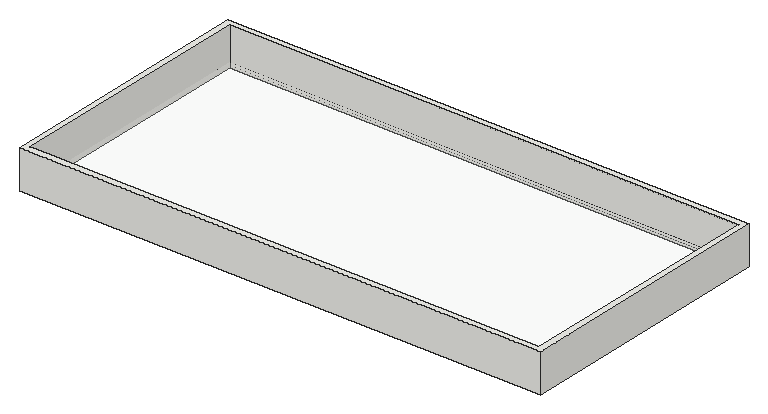
Revit family
Parameters (values of type "0600 x 1200mm (2 Lamp)")
  Wattage = 32.3141 W
  built-in parameter 1150110 = 1 (stored number, unit not read)
  built-in parameter 1114217 = 1 (stored number, unit not read)
  built-in parameter 1150109 = 1 (stored number, unit not read)
  built-in parameter 1150134 = 3
  built-in parameter 1150113 = 1 (stored number, unit not read)
  Material Diffuser = Glass - White, High Luminance
  built-in parameter 1150105 = 381.97 (stored number, unit not read)
  built-in parameter 1150115 = 1 (stored number, unit not read)
  Light Source Symbol Size = 609.60 mm
  built-in parameter 1150137 = (empty or 0)
  built-in parameter 1150139 = (empty or 0)
  built-in parameter 1150112 = 1 (stored number, unit not read)
  built-in parameter 1150114 = 1 (stored number, unit not read)
  Lamp = "T-12"
  Length = 1200.00 mm
  Material Light Box = Metal - Paint Finish - Ivory,Glossy
  Lumens = 4800 lm
  Width = 600.00 mm
  Keynote = "V"
  built-in parameter 1150132 = 2
  built-in parameter 1150102 = (empty or 0)
  built-in parameter 1150107 = 3200 (stored number, unit not read)
  built-in parameter 1150138 = (empty or 0)
  built-in parameter 1150106 = 3.8197 (stored number, unit not read)
  Emit from Line Length = 1200.00 mm
  built-in parameter 1150104 = 13.8 (stored number, unit not read)
  Dimming Lamp Color Temperature Shift = (empty or 0)
  Color Filter = 16777215
  built-in parameter 1114218 = 1 (stored number, unit not read)
  built-in parameter 1150133 = 10 (stored number, unit not read)
Types (5, lengths in mm): name | Wattage | built-in parameter 1150105 | Length | Lumens | Width | built-in parameter 1150106
  (no name) | 32.3141 W | 381.97 (stored number, unit not read) | 1200.00 | 4800 lm | 600.00 | 3.8197 (stored number, unit not read)
  0300 x 1200mm (1 Lamp) | 8.07853 W | 95.493 (stored number, unit not read) | 1200.00 | 1200 lm | 300.00 | 0.95493 (stored number, unit not read)
  0300 x 1200mm (2 Lamp) | 16.1571 W | 190.99 (stored number, unit not read) | 1200.00 | 2400 lm | 300.00 | 1.9099 (stored number, unit not read)
  0600 x 1200mm (2 Lamp) | 32.3141 W | 381.97 (stored number, unit not read) | 1200.00 | 4800 lm | 600.00 | 3.8197 (stored number, unit not read)
  0600 x 0600mm (2 Lamp) | 16.1571 W | 190.99 (stored number, unit not read) | 600.00 | 2400 lm | 600.00 | 1.9099 (stored number, unit not read)
Reference planes
  plane 1 "Light Source Axis": y = 0
  plane 2 "Ceiling": z = 2438.4
  plane 3 "Light Source Axis": x = 0
  plane 4 "Light Source Elevation": z = 2387.6
  plane 5: x = -600
  plane 6: x = 600
  plane 7: y = 300
  plane 8: y = -300
  plane 9: z = 2349.5
  plane 10: z = 2355.85
  plane 11: z = 2362.2
Forms (mm)
  Extrusion 1, solid, material "Metal - Paint Finish - Ivory,Glossy" <- "Material Light Box"
    sketch origin (0, 0, 2438.4) x (1, 0, 0) y (0, 1, 0)
      loop
        line (-600, 300) -> (-600, -300) -> (600, -300) -> (600, 300) -> (-600, 300)
      loop
        line (-587.3, 287.3) -> (-587.3, -287.3) -> (587.3, -287.3) -> (587.3, 287.3) -> (-587.3, 287.3)
    from 0 to -88.9
  Extrusion 2, solid, material "Glass - White, High Luminance" <- "Material Diffuser"
    sketch origin (0, 0, 2438.4) x (1, 0, 0) y (0, 1, 0)
      loop
        line (-587.3, 287.3) -> (-587.3, -287.3) -> (587.3, -287.3) -> (587.3, 287.3) -> (-587.3, 287.3)
    from -82.55 to -76.2
Lines and regions (mm)
  sketch lines
    curve 1: line (-1524, 1524, 0) -> (1524, 1524, 0)
    curve 2: line (-1524, 1524, 0) -> (-1524, -1524, 0)
    curve 3: line (-1524, -1524, 0) -> (1524, -1524, 0)
    curve 4: line (1524, 1524, 0) -> (1524, -1524, 0)
  symbolic lines
    curve 5: line (-600, 300, 2438.4) -> (600, 300, 2438.4)
    curve 6: line (-600, -300, 2438.4) -> (-600, 300, 2438.4)
    curve 7: line (600, -300, 2438.4) -> (-600, -300, 2438.4)
    curve 8: line (600, 300, 2438.4) -> (600, -300, 2438.4)
    curve 9: line (-574.6, 274.6, 2438.4) -> (574.6, 274.6, 2438.4)
    curve 10: line (-574.6, -274.6, 2438.4) -> (-574.6, 274.6, 2438.4)
    curve 11: line (574.6, -274.6, 2438.4) -> (-574.6, -274.6, 2438.4)
    curve 12: line (574.6, 274.6, 2438.4) -> (574.6, -274.6, 2438.4)
Dimensions and locks
  equal spacing: curve 2, plane 3 "Light Source Axis", curve 4
  equal spacing: curve 3, plane 1 "Light Source Axis", curve 1
  curve 2 to curve 4 = 3048.00 mm
  curve 3 to curve 1 = 3048.00 mm
  "Length": plane 5 to plane 6
  equal spacing: plane 8, plane 1 "Light Source Axis", plane 7
  "Width": plane 8 to plane 7
  equal spacing: plane 5, plane 3 "Light Source Axis", plane 6
  locked: plane 2 "Ceiling" to plane 9 at 88.9
  plane 11 to plane 10 to plane 9 = 6.35 mm locked, 6.35 mm locked
  aligned and locked: plane 2 "Ceiling" to Extrusion 1
  aligned and locked: plane 10 to Extrusion 2
  aligned and locked: Extrusion 2 to plane 11
  aligned and locked: plane 3 "Light Source Axis" to imposter light
  aligned and locked: plane 1 "Light Source Axis" to imposter light
  aligned and locked: plane 4 "Light Source Elevation" to imposter light
Automatic sketch dimensions
  Extrusion 1 sketch curve to plane 5 = 0.00 mm
  Extrusion 1 sketch curve to plane 6 = 0.00 mm
  Extrusion 1 sketch curve to plane 8 = 0.00 mm
  Extrusion 1 sketch curve to plane 7 = 0.00 mm
  Extrusion 1 sketch curve to plane 5 = 12.70 mm
  plane 6 to Extrusion 1 sketch curve = 12.70 mm
  Extrusion 1 sketch curve to Extrusion 1 sketch curve = 12.70 mm  (x2)
  curve 6 to plane 5 = 0.00 mm
  curve 5 to plane 6 = 0.00 mm
  curve 8 to plane 8 = 0.00 mm
  curve 5 to plane 7 = 0.00 mm
  curve 10 to plane 5 = 25.40 mm
  plane 6 to curve 12 = 25.40 mm
  curve 7 to curve 11 = 25.40 mm
  curve 9 to curve 5 = 25.40 mm
  Extrusion 2 sketch curve to plane 5 = 12.70 mm
  plane 6 to Extrusion 2 sketch curve = 12.70 mm
  Extrusion 2 sketch curve to plane 8 = 12.70 mm
  plane 7 to Extrusion 2 sketch curve = 12.70 mm
